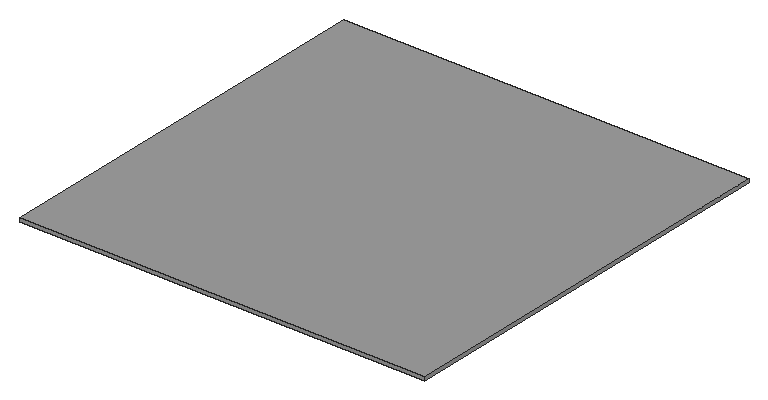
Revit family "WM-MN Skimmend 35mm Family", category Generic Models, host Ceiling, Revit 2017
Family settings
  Host = Ceiling
  Can host rebar = No
  Round Connector Dimension = Use Diameter
  Part Type = Normal
  Always vertical = Yes
  Cut with Voids When Loaded = No
  Shared = No
  Room Calculation Point = No
Parameters (values of type "Lambdaboard")
  Width = 4000 mm
  URL = "www.rigifoam.com"
  Type Comments = "duncan@rigifoam.com"
  Thermal Resistance = 1.4500 (m²·K)/W
  Thermal Conductivity = 0.0240 W/(m·K)
  Model = "WM/MN Skimmend 35mm"
  Material = Polyisocyanurate
  Manufacturer = "Lambdaboard"
  Lenght = 4000 mm
  Description = "Flexible PIR Insulation"
  Depth = 35 mm
  Density = 40.0000 kg/m³
Reference planes
  plane 1 "Center (Front/Back)": y = 0
  plane 2: z = 0
  plane 3 "Center (Left/Right)": x = 0
  plane 4 "Ceiling": z = 4000
Forms (mm)
  Extrusion 1, solid, material "Polyisocyanurate" <- "Material"
    sketch origin (0, 0, 4000) x (0, 1, 0) y (-1, 0, 0)
      loop
        line (2000, 2000) -> (-2000, 2000) -> (-2000, -2000) -> (2000, -2000) -> (2000, 2000)
    from -35 to 0
Dimensions and locks
  equal spacing: host sketch curve, plane 3 "Center (Left/Right)", host sketch curve
  equal spacing: host sketch curve, plane 1 "Center (Front/Back)", host sketch curve
  host sketch curve to host sketch curve = 4000 mm  (x2)
  plane 4 "Ceiling" to host ceiling = 0 mm
  "Lenght": Extrusion 1 to Extrusion 1
  "Width": Extrusion 1 to Extrusion 1
  Extrusion 1 to plane 3 "Center (Left/Right)" = 2000 mm
  plane 3 "Center (Left/Right)" to Extrusion 1 = 2000 mm
  "Depth": Extrusion 1 to Extrusion 1
Automatic sketch dimensions
  plane 1 "Center (Front/Back)" to Extrusion 1 sketch curve = 2000 mm
  Extrusion 1 sketch curve to plane 1 "Center (Front/Back)" = 2000 mm
  plane 3 "Center (Left/Right)" to Extrusion 1 sketch curve = 2000 mm
  Extrusion 1 sketch curve to plane 3 "Center (Left/Right)" = 2000 mm
